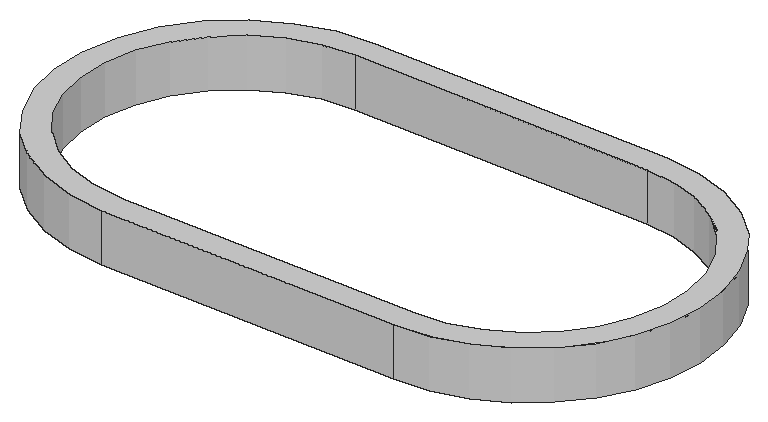
Revit family "3dbdca9e8c1840c6ad584229463bce79", category Structural Stiffeners, host Face, Revit 2021
Family settings
  Host = Face
  OmniClass Number = 23.25.30.11.27
  OmniClass Title = Vibration and Earthquake Controls
  Seek Item ID = Closed Loop Stiffener-Semicircular End-0000-USA-ENU
  Cut with Voids When Loaded = No
  Shared = No
Parameters (values of type "1' X 3"")
  r [instance] = 0' - 3"
  d [instance] = 0' - 1"
  b [instance] = 0' - 0 1/2"
  Stiffener Material [instance] = Steel ASTM A36
  L1 [instance] = L - 2 * r  # 0' - 6"
  L [instance] = 1' - 0"
  Default Elevation = 24' - 0"
  w [instance] = r * 2  # 0' - 6"
Types (3): name | r | L1 | L | w
  (no name) | 0' - 3" | 0' - 6" | 1' - 0" | 0' - 6"
  1' X 3" | 0' - 3" | 0' - 6" | 1' - 0" | 0' - 6"
  2' X 5" | 0' - 5" | 1' - 2" | 2' - 0" | 0' - 10"
Reference planes (in)
  plane 1 "Center (Front/Back)": y = 0.00003
  plane 2: z = 0
  plane 3 "Center (Left/Right)": x = 0.00049
  plane 4: y = -2.99997
  plane 5: x = -5.99951
  plane 6: x = 6.00049
  plane 7: x = -2.99951
  plane 8: x = 3.00049
  plane 9: y = 0.00003
  plane 10: y = -2.99997
  plane 11: y = -5.99997
Forms (in)
  Sweep 1, solid, material "Steel ASTM A36" <- "Stiffener Material", detail levels medium+fine
    path origin (1.5708, 2.4312, 0) x (1, 0, 0) y (0, 1, 0)
      loop
        arc (-4.57031, -2.43117) -> (-7.57031, -5.43117) -> (-4.57031, -8.43117) r 3
        line (-4.57031, -8.43117) -> (1.42969, -8.43117)
        arc (1.42969, -8.43117) -> (4.42969, -5.43117) -> (1.42969, -2.43117) r 3
        line (1.42969, -2.43117) -> (-4.57031, -2.43117)
    profile origin (0.00049, 0.00003, 0) x (0, 1, 0) y (0, 0, 1)
      loop
        line (0, 1) -> (0, 0) -> (0.5, 0) -> (0.5, 1) -> (0, 1)
Dimensions and locks (in)
  "L": plane 5 to plane 6
  equal spacing: plane 5, plane 3 "Center (Left/Right)", plane 6
  "b": Sweep 1 sketch curve to Sweep 1 sketch curve
  "d": Sweep 1 sketch curve to Sweep 1 sketch curve
  equal spacing: plane 7, plane 3 "Center (Left/Right)", plane 8
  "L1": plane 7 to plane 8
  "r": plane 9 to plane 10
  "w": plane 11 to plane 9
  "r": radius of Sweep 1 sketch curve  (x2)
  aligned and locked: plane 2 to host face
  aligned and locked: level to host face
  aligned and locked: plane 4 to Sweep 1 sketch curve  (x2)
  aligned and locked: plane 7 to Sweep 1 sketch curve  (x2)
  aligned and locked: plane 8 to Sweep 1 sketch curve  (x2)
  aligned and locked: plane 9 to plane 1 "Center (Front/Back)"
  aligned and locked: plane 4 to plane 10
Automatic sketch dimensions
  Sweep 1 sketch curve to level = 0' - 0"
  Sweep 1 sketch curve to profile plane = 0' - 0"
  host sketch curve to host sketch curve = 1' - 10.22207"
  host sketch curve to host sketch curve = 1' - 11.66531"
